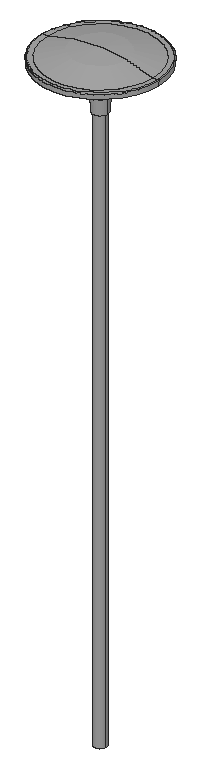
Revit family "Place - Generic", category Lighting Fixtures, Revit 2014
Parameters (values of type "Place")
  Wattage Comments = ""
  WarrantyGuarantorParts = "n/a"
  WarrantyDurationParts = "n/a"
  WarrantyDescription = "n/a"
  Visible [instance] = yes
  Version = "v.1.0"
  Uniclass2 = "Pr_70_70_49_43 Light-Emitting Diode (LED) Luminaires"
  Uniclass 1.4 = "JY73"
  URL = "http://riegens.com/place"
  Type Mark = ""
  TotalWattage = "Max. 28W "
  Tilt Angle = 90.00°
  TagNumber = "n/a"
  Switch ID [instance] = ""
  SustainabilityPerformance = "n/a"
  SupplyCircuitConductorConnections = "n/a"
  Spot Field Angle = 90.00°
  Spot Beam Angle = 90.00°
  Size = "Ø600 mm"
  Shape = "Circle"
  ProductInformation = "http://riegens.com/place"
  PhotometricPerformance = "In accordance with BS EN 13032-1"
  PhaseReference = "IEC recommendations"
  Panel [instance] = ""
  Optic = "Symmetric opal"
  OmniClass Title = "Lighting"
  OmniClass Number = "23.80.70.00"
  Offset from floor = 2900 mm
  NominalVoltage = "220-240V"
  Moves With Nearby Elements [instance] = no
  ModelReference = "Place"
  Model = "Place"
  Material = "Aluminium, PMMA and PC"
  Mark [instance] = "1"
  ManufacturersSpecificInformation = "n/a"
  ManufacturerURL = "www.riegens.com"
  Manufacturer = "Riegens A/S"
  LuminaireType = "Outdoor Direct LED Luminaire"
  LuminairePowerFactor = ">0,9"
  LightSource = "LED 3000K / 4000K"
  LightFixturePlacingType = "Pole / Wall"
  LightFixtureMountingType = "Pole_top / Wall"
  Light Source Definition (family) = "Point+Spot"
  LampType = "LED"
  LampRating = "28W"
  LampColourRenderingIndex = "Ra>80"
  Lamp = ""
  InternalFuse = "Only required in emergency versions"
  InsulationStandardClass = "Class 2"
  IfcExportType = "NOTDEFINED'"
  IfcExportAs = "IfcLightFixtureType'"
  IP_Code = "IP66"
  Host [instance] = "None"
  Height 1 [instance] = 291 mm
  HasProtectiveEarth = "TRUE"
  Grade = "n/a"
  Frame = Riegens_Aluminum_powder coated grey
  Finish = "Powder coated"
  Features = "n/a"
  Electrical Data [instance] = ""
  Documentation = "See URL hyperlink"
  DocumentReference = "See URL hyperlink"
  Diameter 2 = 76.289 mm
  Diameter 1 = 600 mm
  Description = "70-80-35 General Lighting Systems"
  ControlGearPosition = "Integrated "
  Constituents = "n/a"
  Comments [instance] = ""
  Colour = "Grey"
  built-in parameter 1114216 [instance] = (empty or 0)
  CodePerformance = "n/a"
  Circuit Number [instance] = ""
  built-in parameter 1140040 [instance] = (empty or 0)
  CCSTopnode = "L"
  CCSClassName = "Belysningsarmatur"
  CCSClassCode = "UAC"
  BarCode = "n/a"
  BallastsCELMAEnergyEfficiencyIndex = "Class A1/A2"
  BSAB 96 = "SNB.2"
  BIMObjectName = "Place.rfa"
  Author = "3dbyggeri"
  AssetType = "Moveable/Fixed"
  AssetIdentifier = "n/a"
  Assembly Description = ""
  Assembly Code = ""
  ArticleNumber = "See URL hyperlink"
  Apparent Load = 240 VA
  AccessibilityPerformance = "n/a"
Reference planes
  plane 1 "Center (Front/Back)": y = 0
  plane 2: z = 0
  plane 3 "Center (Left/Right)": x = 0
Dimensions and locks
  aligned and locked: level to plane 2
Nested families
  nested 1: "Place - Dummy" at (0, 0, 0), type "Standard"
Definition of nested family "Place - Dummy"
  Parameters (values of type "Standard")
    Wattage = 28 W
    built-in parameter 1150110 = 1 (stored number, unit not read)
    URL = ""
    built-in parameter 1114217 = 1 (stored number, unit not read)
    Tilt Angle = 90.00°
    built-in parameter 1150109 = 1 (stored number, unit not read)
    built-in parameter 1150134 = 12
    built-in parameter 1150113 = 1 (stored number, unit not read)
    PhotometricPerformance = "In accordance with BS EN 13032-1"
    Photometric Web File = "Place 28W LED 4000K IP66.ies"
    Optic = "Symmetric opal"
    Offset from floor = 2900 mm
    Model = ""
    Material = "Aluminium, PMMA and PC"
    Manufacturer = ""
    Lumens = 2520 lm
    built-in parameter 1150115 = 1 (stored number, unit not read)
    built-in parameter 1150105 = 200.54 (stored number, unit not read)
    LightSource = "LED 3000K / 4000K"
    built-in parameter 1150137 = (empty or 0)
    built-in parameter 1150139 = (empty or 0)
    LampColourRenderingIndex = "Ra>80"
    built-in parameter 1150112 = 1 (stored number, unit not read)
    built-in parameter 1150114 = 1 (stored number, unit not read)
    built-in parameter 1150132 = (empty or 0)
    built-in parameter 1150102 = (empty or 0)
    built-in parameter 1150138 = (empty or 0)
    built-in parameter 1150107 = 4000 (stored number, unit not read)
    built-in parameter 1150106 = 2.0054 (stored number, unit not read)
    Height 1 = 291 mm
    Frame = Riegens_Aluminum_powder coated grey
    Finish = "Powder coated"
    built-in parameter 1150104 = 8.3613 (stored number, unit not read)
    Dimming Lamp Color Temperature Shift = (empty or 0)
    Diameter 2 = 76.289 mm
    Diameter 1 = 600 mm
    Description = ""
    Colour = "Grey"
    Color Filter = 16777215
    built-in parameter 1114218 = 1 (stored number, unit not read)
    built-in parameter 1150133 = 10 (stored number, unit not read)
    Apparent Load = 240 VA
  Reference planes
    plane 1 "Light Source Axis (F/B)": y = 0
    plane 2: z = 0
    plane 3 "Light Source Axis (L/R)": x = 0
    plane 4 "Light Source Elevation": z = 3022.232
    plane 5 "UK": z = 2900
    plane 6: z = 2973.908
    plane 7: z = 3022.232
    plane 8: z = 3146.991
    plane 9: z = 3191
    plane 10: x = 299.961
    plane 11: x = -300.039
    plane 12: x = 38.398
    plane 13: x = -37.891
    plane 14: z = 3119.991
  Forms (mm)
    Revolve 1, solid, material "Riegens_Aluminum_powder coated grey" <- "Frame"
      sketch origin (0, 0, 0) x (1, 0, 0) y (0, 0, 1)
        loop
          line (66.298, 3022.232) -> (0, 3022.232) -> (0, 2900) -> (38.398, 2900) -> (40.05, 2973.908)
          arc (40.05, 2973.908) -> (47.322, 3001.248) -> (66.298, 3022.232) r 60.094
        axis (0, 3022.232) -> (0, 2900)
      angle from 0 to 360
    Revolve 2, solid, material "Riegens_Glass_opal"
      sketch origin (0, 0, 0) x (1, 0, 0) y (0, 0, 1)
        loop
          line (62.562, 3022.232) -> (295.72, 3119.991) -> (291.72, 3119.991) -> (58.562, 3022.232) -> (62.562, 3022.232)
        axis (0, 3119.991) -> (0, 3022.232)
      angle from 0 to 360
    Revolve 3, solid, material "Riegens_Aluminum_powder coated grey" <- "Frame"
      sketch origin (0, 0, 0) x (1, 0, 0) y (0, 0, 1)
        loop
          line (0, 3191) -> (0, 3142.983) -> (299.961, 3142.983)
          arc (299.961, 3142.983) -> (298.787, 3145.817) -> (295.953, 3146.991) r 4.008
          line (295.953, 3146.991) -> (270, 3146.991)
          arc (270, 3146.991) -> (136.741, 3179.678) -> (0, 3191) r 869.689
        axis (0, 3191) -> (0, 3142.983)
      angle from 0 to 360
    Extrusion 4, solid, material "Riegens_Aluminum_powder coated grey" <- "Frame"
      sketch origin (0, 0, 0) x (1, 0, 0) y (0, 1, 0)
        loop
          circle (0, 0) r 299.961
      from 3119.991 to 3142.983
  Dimensions and locks
    "Height 1": plane 9 to plane 5 "UK"
    plane 10 to imposter light to plane 11 = 299.961 mm locked, 300.039 mm locked
    "Diameter 1": plane 10 to plane 11
    "Diameter 2": plane 12 to plane 13
    plane 12 to imposter light to plane 13 = 38.398 mm locked, 37.891 mm
    "Offset from floor": plane 5 "UK" to plane 2
    locked: plane 9 to plane 8 at 44.009
    locked: plane 9 to plane 14 at 71.009
    plane 9 to imposter light = 168.768 mm
    locked: plane 9 to plane 7 at 168.768
    locked: plane 9 to plane 6 at 217.092
    locked: plane 8 to Extrusion 4 at 4.008
    locked: plane 4 "Light Source Elevation" to plane 5 "UK" at 122.232
    aligned and locked: plane 3 "Light Source Axis (L/R)" to imposter light
    aligned and locked: imposter light to plane 1 "Light Source Axis (F/B)"
    aligned and locked: plane 4 "Light Source Elevation" to imposter light
    aligned and locked: level to plane 2
    aligned and locked: Revolve 1 to plane 5 "UK"
    aligned and locked: Revolve 1 to plane 7
    aligned and locked: Revolve 2 to plane 14
    aligned and locked: plane 14 to Extrusion 4
    aligned and locked: nested 1 to plane 5 "UK"
    aligned and locked: imposter light to plane 7
  Automatic sketch dimensions
    Revolve 1 sketch curve to plane 3 "Light Source Axis (L/R)" = 0 mm  (x2)
    Revolve 1 sketch curve to plane 5 "UK" = 0 mm
    Revolve 1 sketch curve to plane 12 = 0 mm
    Revolve 1 sketch curve to plane 6 = 0 mm
    Revolve 1 sketch curve to plane 7 = 0 mm
    plane 12 to Revolve 1 sketch curve = 1.651 mm
    plane 12 to Revolve 1 sketch curve = 27.9 mm
    plane 6 to Revolve 1 sketch curve = 1.342 mm
    Revolve 1 sketch curve to Revolve 1 sketch curve = 85.009 mm
    plane 4 "Light Source Elevation" to Revolve 1 sketch curve = 25 mm
    Revolve 2 sketch curve to plane 3 "Light Source Axis (L/R)" = 0 mm
    Revolve 2 sketch curve to plane 7 = 0 mm
    Revolve 2 sketch curve to plane 14 = 0 mm
    plane 12 to Revolve 2 sketch curve = 20.164 mm
    Revolve 2 sketch curve to Revolve 2 sketch curve = 4 mm  (x2)
    Revolve 2 sketch curve to plane 10 = 8.241 mm
    Revolve 2 sketch curve to plane 5 "UK" = 31 mm
    Revolve 2 sketch curve to plane 9 = 70 mm
    Revolve 3 sketch curve to plane 3 "Light Source Axis (L/R)" = 0 mm  (x2)
    Revolve 3 sketch curve to plane 8 = 0 mm
    Revolve 3 sketch curve to plane 10 = 0 mm
    Revolve 3 sketch curve to plane 9 = 0 mm
    Revolve 3 sketch curve to plane 3 "Light Source Axis (L/R)" = 3.169 mm
    Revolve 3 sketch curve to Revolve 3 sketch curve = 29.961 mm
    Revolve 3 sketch curve to plane 10 = 4.008 mm
    plane 4 "Light Source Elevation" to Revolve 3 sketch curve = 8 mm
    Revolve 3 sketch curve to Revolve 3 sketch curve = 40.991 mm
    plane 1 "Light Source Axis (F/B)" to Extrusion 4 sketch curve = 0 mm
    Extrusion 4 sketch curve to plane 3 "Light Source Axis (L/R)" = 0 mm
    radius of Extrusion 4 sketch curve = 299.961 mm
  Nested families
    nested 1: "Mast" at (0, 0, 0), built-in parameter 1001364 <- "Offset from floor", type "Mast"
  Connectors
    electrical at (0, 0, 2900)
      settings: index 1, voltage 0 V, apparent load 0 VA, apparent load phase1 0 VA, apparent load phase2 0 VA, apparent load phase3 0 VA, power factor 1, load classification "Other", number of poles 1, system type 31, power factor state 1, is connector primary yes, connector utility no, sub classification motor no, connector description ""
  Definition of nested family "Mast"
    Parameters (values of type "Mast")
      Offset from floor = 2900 mm
      Frame = Riegens_Aluminum_powder coated grey
      Diameter 1 = 60 mm
    Reference planes
      plane 1 "Center (Front/Back)": y = 0
      plane 2: z = 0
      plane 3 "Center (Left/Right)": x = 0
      plane 4: y = 60
      plane 5: y = -60
      plane 6: x = -60
      plane 7: x = 60
    Forms (mm)
      Extrusion 1, solid, material "Riegens_Aluminum_powder coated grey"
        sketch origin (0.006, 0.002, 0) x (1, 0, 0) y (0, 1, 0)
          loop
            circle (0, 0) r 30
        from 0 to 2900
    Dimensions and locks
      "Offset from floor": Extrusion 1 to level
      "Diameter 1": diameter of Extrusion 1
      aligned and locked: level to plane 2
      aligned and locked: Extrusion 1 to level
